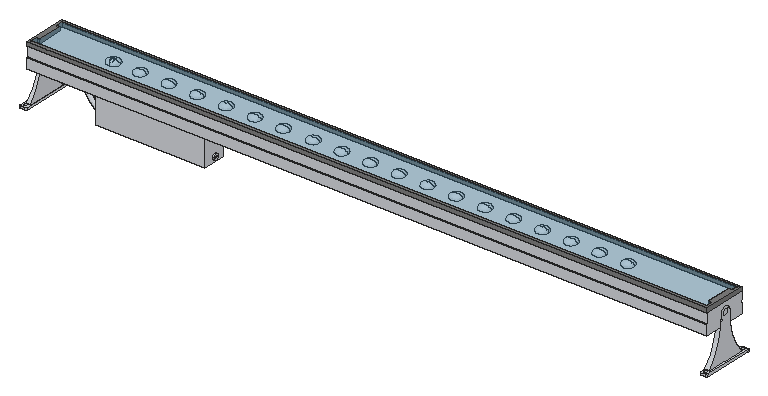
Revit family "WALL WASHER HIGH POWER LED RGB 100CM_LK2036RGB.30", category Luminarias, Revit 2019
Family settings
  Cota de conector redondo = Diámetro de uso
  Tipo de pieza = Normal
  Se basa en plano de trabajo = Sí
  Siempre vertical = No
  Corte con vacíos al cargar = No
  Origen de luz = Sí
  Compartido = No
  Punto de cálculo de habitación = No
Parameters (values of type "REFL_LK2036RGB.30")
  Ángulo de inclinación = 60.00°
  Zone [instance] = ""
  Watt per fixture = 67.2
  Wattage = 67.2 W
  built-in parameter 1150107 = 3000 (stored number, unit not read)
  built-in parameter 1150110 = 1 (stored number, unit not read)
  built-in parameter 1150109 = 1 (stored number, unit not read)
  built-in parameter 1150112 = 1 (stored number, unit not read)
  built-in parameter 1150113 = 1 (stored number, unit not read)
  built-in parameter 1114218 = 1 (stored number, unit not read)
  Keynote = ""
  built-in parameter 1150137 = (empty or 0)
  built-in parameter 1150132 = (empty or 0)
  Modelo = "LK2036RGB.30"
  Lámpara = "OSRAM"
  Longitud de línea de emisión = 400 mm
  built-in parameter 1150105 = 110.27 (stored number, unit not read)
  built-in parameter 1150102 = (empty or 0)
  built-in parameter 1150106 = 1.1027 (stored number, unit not read)
  Lumens = 1385.66 lm
  Color Filter = 16777215
  built-in parameter 1114217 = 1 (stored number, unit not read)
  built-in parameter 1150139 = (empty or 0)
  Fabricante = "BRILLANT"
  Default Elevation = 0 mm
  built-in parameter 1150104 = 1.9157 (stored number, unit not read)
  Descripción = "LUMINARIA TIPO REFLECTOR LINEAL, WALL WASHER , CUERPO DE ALUMINIO EXTRUIDO CON POLVO GRIS, VIDRIO TEMPLADO DE 3MM ADEMAS DEL SELLADO CON SILICON EN VIDRIO Y HOUSING, CUENTA CON 20 LED TIPO OSRAM CON UN CONSUMO TOTAL DE 67.2W, 1386 LUMENES, RGB, IP 66, IK 05, CABLE H05RN DE 0.5M, APERTURA DE 30 GRADOS, ALIMENTADA A 24V. REQUIERE ACCESORIOS."
  built-in parameter 1150115 = 1 (stored number, unit not read)
  built-in parameter 1150114 = 1 (stored number, unit not read)
  Comentarios de vataje = "24V"
  built-in parameter 1150138 = (empty or 0)
  built-in parameter 1150134 = (empty or 0)
  Circuit [instance] = ""
  Dimming Lamp Color Temperature Shift = 1
  Archivo de red fotométrica = "LK2036RGB.IES"
  built-in parameter 1150133 = 10 (stored number, unit not read)
Reference planes
  plane 1 "Centro (Frontal/Posterior)": y = 0
  plane 2: z = 0
  plane 3 "Centro (Izquierda/Derecha)": x = 0
  plane 4: x = -500
  plane 5: x = 500
  plane 6: z = 86
  plane 7: z = 3
  plane 8: x = 0
Forms (mm)
  Extrusion 1, solid
    sketch origin (0, 0, 0) x (1, 0, 0) y (0, 1, 0)
      loop
        arc (-495.182, -38.75) -> (-493.931, -38.232) -> (-493.412, -36.98) r 1.77
        line (-493.412, -36.98) -> (-493.412, 36.98)
        arc (-493.412, 36.98) -> (-493.931, 38.232) -> (-495.182, 38.75) r 1.77
        line (-495.182, 38.75) -> (-501.643, 38.75)
        arc (-501.643, 38.75) -> (-502.894, 38.232) -> (-503.412, 36.98) r 1.77
        line (-503.412, 36.98) -> (-503.412, -36.98)
        arc (-503.412, -36.98) -> (-502.894, -38.232) -> (-501.643, -38.75) r 1.77
        line (-501.643, -38.75) -> (-495.182, -38.75)
      loop
        circle (-498.412, -33.75) r 2.617
      loop
        circle (-498.412, 33.75) r 2.617
      loop
        line (495.182, -38.75) -> (501.643, -38.75)
        arc (501.643, -38.75) -> (502.894, -38.232) -> (503.412, -36.98) r 1.77
        line (503.412, -36.98) -> (503.412, 36.98)
        arc (503.412, 36.98) -> (502.894, 38.232) -> (501.643, 38.75) r 1.77
        line (501.643, 38.75) -> (495.182, 38.75)
        arc (495.182, 38.75) -> (493.931, 38.232) -> (493.412, 36.98) r 1.77
        line (493.412, 36.98) -> (493.412, -36.98)
        arc (493.412, -36.98) -> (493.931, -38.232) -> (495.182, -38.75) r 1.77
      loop
        circle (498.412, -33.75) r 2.617
      loop
        circle (498.412, 33.75) r 2.617
    from 0 to 3
  Extrusion 2, solid
    sketch origin (0, 0, 57.505) x (0, -1, 0) y (0, 0, -1)
      loop
        circle (0, -9.725) r 5
      loop
        arc (-7.232, -9.725) -> (0, -16.957) -> (7.232, -9.725) r 7.232
        arc (7.232, -9.725) -> (12.387, 24.386) -> (29.21, 54.505) r 96.512
        line (29.21, 54.505) -> (0.469, 54.505) -> (0.469, 19.505) -> (-0.469, 19.505) -> (-0.469, 54.505) -> (-29.21, 54.505)
        arc (-29.21, 54.505) -> (-12.387, 24.386) -> (-7.232, -9.725) r 96.512
    from 493.412 to 500
  Extrusion 3, solid, material "Cristal"
    sketch origin (0, 0, 0) x (1, 0, 0) y (0, 1, 0)
      loop
        line (-495, 28.5) -> (-495, 18.5) -> (-490, 18.5) -> (-490, -18.5) -> (-495, -18.5) -> (-495, -28.5) -> (495, -28.5) -> (495, -18.5) -> (490, -18.5) -> (490, 18.5) -> (495, 18.5) -> (495, 28.5) -> (-495, 28.5)
    from 86 to 85.337
  Revolve 4, solid
    sketch origin (0, 0, 1.84) x (1, 0, 0) y (0, 0, 1)
      loop
        line (105.714, 83.128) -> (105.714, 78.128) -> (114.371, 78.128)
        spline (114.371, 78.128) -> (114.297, 78.781) -> (114.076, 79.422) -> (113.712, 80.042) -> (113.211, 80.628) -> (112.582, 81.172) -> (111.835, 81.664) -> (110.984, 82.095) -> (110.043, 82.458) -> (109.027, 82.748) -> (107.955, 82.958) -> (106.844, 83.085) -> (105.714, 83.128)
      axis (105.714, 78.128) -> (105.714, 83.128)
    angle from 0 to 360
  Revolve 5, solid
    sketch origin (-42, 0, 1.84) x (1, 0, 0) y (0, 0, 1)
      loop
        line (105.714, 83.128) -> (105.714, 78.128) -> (114.371, 78.128)
        spline (114.371, 78.128) -> (114.297, 78.781) -> (114.076, 79.422) -> (113.712, 80.042) -> (113.211, 80.628) -> (112.582, 81.172) -> (111.835, 81.664) -> (110.984, 82.095) -> (110.043, 82.458) -> (109.027, 82.748) -> (107.955, 82.958) -> (106.844, 83.085) -> (105.714, 83.128)
      axis (105.714, 78.128) -> (105.714, 83.128)
    angle from 0 to 360
  Revolve 6, solid
    sketch origin (-84, 0, 1.84) x (1, 0, 0) y (0, 0, 1)
      loop
        line (105.714, 83.128) -> (105.714, 78.128) -> (114.371, 78.128)
        spline (114.371, 78.128) -> (114.297, 78.781) -> (114.076, 79.422) -> (113.712, 80.042) -> (113.211, 80.628) -> (112.582, 81.172) -> (111.835, 81.664) -> (110.984, 82.095) -> (110.043, 82.458) -> (109.027, 82.748) -> (107.955, 82.958) -> (106.844, 83.085) -> (105.714, 83.128)
      axis (105.714, 78.128) -> (105.714, 83.128)
    angle from 0 to 360
  Revolve 7, solid
    sketch origin (-126, 0, 1.84) x (1, 0, 0) y (0, 0, 1)
      loop
        line (105.714, 83.128) -> (105.714, 78.128) -> (114.371, 78.128)
        spline (114.371, 78.128) -> (114.297, 78.781) -> (114.076, 79.422) -> (113.712, 80.042) -> (113.211, 80.628) -> (112.582, 81.172) -> (111.835, 81.664) -> (110.984, 82.095) -> (110.043, 82.458) -> (109.027, 82.748) -> (107.955, 82.958) -> (106.844, 83.085) -> (105.714, 83.128)
      axis (105.714, 78.128) -> (105.714, 83.128)
    angle from 0 to 360
  Revolve 8, solid
    sketch origin (-168, 0, 1.84) x (1, 0, 0) y (0, 0, 1)
      loop
        line (105.714, 83.128) -> (105.714, 78.128) -> (114.371, 78.128)
        spline (114.371, 78.128) -> (114.297, 78.781) -> (114.076, 79.422) -> (113.712, 80.042) -> (113.211, 80.628) -> (112.582, 81.172) -> (111.835, 81.664) -> (110.984, 82.095) -> (110.043, 82.458) -> (109.027, 82.748) -> (107.955, 82.958) -> (106.844, 83.085) -> (105.714, 83.128)
      axis (105.714, 78.128) -> (105.714, 83.128)
    angle from 0 to 360
  Revolve 9, solid
    sketch origin (-210, 0, 1.84) x (1, 0, 0) y (0, 0, 1)
      loop
        line (105.714, 83.128) -> (105.714, 78.128) -> (114.371, 78.128)
        spline (114.371, 78.128) -> (114.297, 78.781) -> (114.076, 79.422) -> (113.712, 80.042) -> (113.211, 80.628) -> (112.582, 81.172) -> (111.835, 81.664) -> (110.984, 82.095) -> (110.043, 82.458) -> (109.027, 82.748) -> (107.955, 82.958) -> (106.844, 83.085) -> (105.714, 83.128)
      axis (105.714, 78.128) -> (105.714, 83.128)
    angle from 0 to 360
  Extrusion 10, solid
    sketch origin (-88.161, 0, 0) x (1, 0, 0) y (0, 1, 0)
      loop
        circle (-352, 0) r 7.477
    from 46.607 to 49.683
  Extrusion 11, solid
    sketch origin (-338.161, 0, 0) x (1, 0, 0) y (0, 1, 0)
      loop
        line (-102, 7.477) -> (-108.476, 3.739) -> (-108.476, -3.739) -> (-102, -7.477) -> (-95.524, -3.739) -> (-95.524, 3.739) -> (-102, 7.477)
    from 43.841 to 46.607
  Extrusion 12, solid
    sketch origin (0, 0, 0) x (1, 0, 0) y (0, 1, 0)
      loop
        line (-498.412, 32.016) -> (-498.412, -32.654) -> (498.545, -32.654) -> (498.545, 32.016) -> (-498.412, 32.016)
    from 49.683 to 79.969
  Revolve 13, solid
    sketch origin (-252, 0, 1.84) x (1, 0, 0) y (0, 0, 1)
      loop
        line (-144.286, 83.128) -> (-144.286, 78.128) -> (-135.629, 78.128)
        spline (-135.629, 78.128) -> (-135.703, 78.781) -> (-135.924, 79.422) -> (-136.288, 80.042) -> (-136.789, 80.628) -> (-137.418, 81.172) -> (-138.165, 81.664) -> (-139.016, 82.095) -> (-139.957, 82.458) -> (-140.973, 82.748) -> (-142.045, 82.958) -> (-143.156, 83.085) -> (-144.286, 83.128)
      axis (-144.286, 78.128) -> (-144.286, 83.128)
    angle from 0 to 360
  Extrusion 14, void
    sketch origin (0, 0, 0) x (0, 1, 0) y (0, 0, 1)
      loop
        line (-32.654, 79.969) -> (-32.654, 64.191) -> (-29.884, 64.191) -> (-29.884, 79.969) -> (-32.654, 79.969)
      loop
        line (32.654, 69.191) -> (29.884, 69.191) -> (29.884, 64.191) -> (32.654, 64.191) -> (32.654, 69.191)
    from -500 to 500
  Extrusion 15, solid
    sketch origin (0, 0, 57.505) x (0, -1, 0) y (0, 0, 1)
      loop
        circle (0, 9.725) r 5
      loop
        arc (-7.232, 9.725) -> (-12.387, -24.386) -> (-29.21, -54.505) r 96.512
        line (-29.21, -54.505) -> (-0.469, -54.505) -> (-0.469, -19.505) -> (0.469, -19.505) -> (0.469, -54.505) -> (29.21, -54.505)
        arc (29.21, -54.505) -> (12.387, -24.386) -> (7.232, 9.725) r 96.512
        arc (7.232, 9.725) -> (0, 16.957) -> (-7.232, 9.725) r 7.232
    from 495 to 500
  Extrusion 16, solid
    sketch origin (0, 0, 0) x (1, 0, 0) y (0, 1, 0)
      loop
        line (-409.783, 16) -> (-409.783, -16) -> (-249.976, -16) -> (-249.976, 16) -> (-409.783, 16)
    from 0 to 39.513
  Extrusion 17, void
    sketch origin (0, 0, 0) x (1, 0, 0) y (0, 1, 0)
      loop
        line (-409.783, 12.695) -> (-409.783, 11.445) -> (-361.686, 11.445) -> (-361.686, 12.695) -> (-409.783, 12.695)
      loop
        line (-409.783, 8.945) -> (-409.783, 7.695) -> (-361.686, 7.695) -> (-361.686, 8.945) -> (-409.783, 8.945)
      loop
        line (-409.783, 5.195) -> (-409.783, 3.945) -> (-361.686, 3.945) -> (-361.686, 5.195) -> (-409.783, 5.195)
      loop
        line (-409.783, -12.695) -> (-361.686, -12.695) -> (-361.686, -11.445) -> (-409.783, -11.445) -> (-409.783, -12.695)
      loop
        line (-409.783, -8.945) -> (-361.686, -8.945) -> (-361.686, -7.695) -> (-409.783, -7.695) -> (-409.783, -8.945)
      loop
        line (-409.783, -5.195) -> (-361.686, -5.195) -> (-361.686, -3.945) -> (-409.783, -3.945) -> (-409.783, -5.195)
      loop
        line (-249.976, 12.695) -> (-298.073, 12.695) -> (-298.073, 11.445) -> (-249.976, 11.445) -> (-249.976, 12.695)
      loop
        line (-249.976, 8.945) -> (-298.073, 8.945) -> (-298.073, 7.695) -> (-249.976, 7.695) -> (-249.976, 8.945)
      loop
        line (-249.976, 5.195) -> (-298.073, 5.195) -> (-298.073, 3.945) -> (-249.976, 3.945) -> (-249.976, 5.195)
      loop
        line (-249.976, -12.695) -> (-249.976, -11.445) -> (-298.073, -11.445) -> (-298.073, -12.695) -> (-249.976, -12.695)
      loop
        line (-249.976, -8.945) -> (-249.976, -7.695) -> (-298.073, -7.695) -> (-298.073, -8.945) -> (-249.976, -8.945)
      loop
        line (-249.976, -5.195) -> (-249.976, -3.945) -> (-298.073, -3.945) -> (-298.073, -5.195) -> (-249.976, -5.195)
    from 37.886 to 39.513
  Extrusion 18, solid
    sketch origin (0, 0, 0) x (0, 1, 0) y (0, 0, 1)
      loop
        circle (0, 8.771) r 3.442
      loop
        line (2.746, 10.356) -> (0, 11.942) -> (-2.746, 10.356) -> (-2.746, 7.185) -> (0, 5.6) -> (2.746, 7.185) -> (2.746, 10.356)
    from -413.671 to -409.783
  Extrusion 19, solid
    sketch origin (-374.541, 0, 0) x (0, 1, 0) y (0, 0, -1)
      loop
        circle (0, -8.771) r 3.442
      loop
        line (2.746, -10.356) -> (2.746, -7.185) -> (0, -5.6) -> (-2.746, -7.185) -> (-2.746, -10.356) -> (0, -11.942) -> (2.746, -10.356)
    from -128.252 to -124.565
  Sweep 20, solid
    path origin (15.428, 0, 13.216) x (1, 0, 0) y (0, 0, 1)
      loop
        arc (-438.601, 37.696) -> (-433.417, 21.627) -> (-420.773, 10.436) r 31.987
    profile origin (-417.989, 0, 34.843) x (0.836903, 0, 0.547351) y (0, -1, 0)
      loop
        circle (-16.782, 0) r 3.712
  Extrusion 21, solid, material "Aluminio"
    sketch origin (0, 0, 0) x (1, 0, 0) y (0, 1, 0)
      loop
        line (-498.412, 32.016) -> (-498.412, -32.654) -> (498.545, -32.654) -> (498.545, 32.016) -> (-498.412, 32.016)
      loop
        line (-495, 28.5) -> (-495, 18.5) -> (-490, 18.5) -> (-490, -18.5) -> (-495, -18.5) -> (-495, -28.5) -> (495, -28.5) -> (495, -18.5) -> (490, -18.5) -> (490, 18.5) -> (495, 18.5) -> (495, 28.5) -> (-495, 28.5)
    from 79.969 to 86
  Revolve 22, solid
    sketch origin (84, 0, 1.84) x (1, 0, 0) y (0, 0, 1)
      loop
        line (105.714, 83.128) -> (105.714, 78.128) -> (114.371, 78.128)
        spline (114.371, 78.128) -> (114.297, 78.781) -> (114.076, 79.422) -> (113.712, 80.042) -> (113.211, 80.628) -> (112.582, 81.172) -> (111.835, 81.664) -> (110.984, 82.095) -> (110.043, 82.458) -> (109.027, 82.748) -> (107.955, 82.958) -> (106.844, 83.085) -> (105.714, 83.128)
      axis (105.714, 78.128) -> (105.714, 83.128)
    angle from 0 to 360
  Revolve 23, solid
    sketch origin (42, 0, 1.84) x (1, 0, 0) y (0, 0, 1)
      loop
        line (105.714, 83.128) -> (105.714, 78.128) -> (114.371, 78.128)
        spline (114.371, 78.128) -> (114.297, 78.781) -> (114.076, 79.422) -> (113.712, 80.042) -> (113.211, 80.628) -> (112.582, 81.172) -> (111.835, 81.664) -> (110.984, 82.095) -> (110.043, 82.458) -> (109.027, 82.748) -> (107.955, 82.958) -> (106.844, 83.085) -> (105.714, 83.128)
      axis (105.714, 78.128) -> (105.714, 83.128)
    angle from 0 to 360
  Revolve 24, solid
    sketch origin (168, 0, 1.84) x (1, 0, 0) y (0, 0, 1)
      loop
        line (105.714, 83.128) -> (105.714, 78.128) -> (114.371, 78.128)
        spline (114.371, 78.128) -> (114.297, 78.781) -> (114.076, 79.422) -> (113.712, 80.042) -> (113.211, 80.628) -> (112.582, 81.172) -> (111.835, 81.664) -> (110.984, 82.095) -> (110.043, 82.458) -> (109.027, 82.748) -> (107.955, 82.958) -> (106.844, 83.085) -> (105.714, 83.128)
      axis (105.714, 78.128) -> (105.714, 83.128)
    angle from 0 to 360
  Revolve 25, solid
    sketch origin (126, 0, 1.84) x (1, 0, 0) y (0, 0, 1)
      loop
        line (105.714, 83.128) -> (105.714, 78.128) -> (114.371, 78.128)
        spline (114.371, 78.128) -> (114.297, 78.781) -> (114.076, 79.422) -> (113.712, 80.042) -> (113.211, 80.628) -> (112.582, 81.172) -> (111.835, 81.664) -> (110.984, 82.095) -> (110.043, 82.458) -> (109.027, 82.748) -> (107.955, 82.958) -> (106.844, 83.085) -> (105.714, 83.128)
      axis (105.714, 78.128) -> (105.714, 83.128)
    angle from 0 to 360
  Revolve 26, solid
    sketch origin (252, 0, 1.84) x (1, 0, 0) y (0, 0, 1)
      loop
        line (105.714, 83.128) -> (105.714, 78.128) -> (114.371, 78.128)
        spline (114.371, 78.128) -> (114.297, 78.781) -> (114.076, 79.422) -> (113.712, 80.042) -> (113.211, 80.628) -> (112.582, 81.172) -> (111.835, 81.664) -> (110.984, 82.095) -> (110.043, 82.458) -> (109.027, 82.748) -> (107.955, 82.958) -> (106.844, 83.085) -> (105.714, 83.128)
      axis (105.714, 78.128) -> (105.714, 83.128)
    angle from 0 to 360
  Revolve 27, solid
    sketch origin (210, 0, 1.84) x (1, 0, 0) y (0, 0, 1)
      loop
        line (105.714, 83.128) -> (105.714, 78.128) -> (114.371, 78.128)
        spline (114.371, 78.128) -> (114.297, 78.781) -> (114.076, 79.422) -> (113.712, 80.042) -> (113.211, 80.628) -> (112.582, 81.172) -> (111.835, 81.664) -> (110.984, 82.095) -> (110.043, 82.458) -> (109.027, 82.748) -> (107.955, 82.958) -> (106.844, 83.085) -> (105.714, 83.128)
      axis (105.714, 78.128) -> (105.714, 83.128)
    angle from 0 to 360
  Revolve 28, solid
    sketch origin (-42, 0, 1.84) x (-1, 0, 0) y (0, 0, 1)
      loop
        line (355.714, 83.128) -> (355.714, 78.128) -> (364.371, 78.128)
        spline (364.371, 78.128) -> (364.297, 78.781) -> (364.076, 79.422) -> (363.712, 80.042) -> (363.211, 80.628) -> (362.582, 81.172) -> (361.835, 81.664) -> (360.984, 82.095) -> (360.043, 82.458) -> (359.027, 82.748) -> (357.955, 82.958) -> (356.844, 83.085) -> (355.714, 83.128)
      axis (355.714, 78.128) -> (355.714, 83.128)
    angle from 0 to 360
  Revolve 29, solid
    sketch origin (-84, 0, 1.84) x (-1, 0, 0) y (0, 0, 1)
      loop
        line (105.714, 83.128) -> (105.714, 78.128) -> (114.371, 78.128)
        spline (114.371, 78.128) -> (114.297, 78.781) -> (114.076, 79.422) -> (113.712, 80.042) -> (113.211, 80.628) -> (112.582, 81.172) -> (111.835, 81.664) -> (110.984, 82.095) -> (110.043, 82.458) -> (109.027, 82.748) -> (107.955, 82.958) -> (106.844, 83.085) -> (105.714, 83.128)
      axis (105.714, 78.128) -> (105.714, 83.128)
    angle from 0 to 360
  Revolve 30, solid
    sketch origin (-42, 0, 1.84) x (-1, 0, 0) y (0, 0, 1)
      loop
        line (105.714, 83.128) -> (105.714, 78.128) -> (114.371, 78.128)
        spline (114.371, 78.128) -> (114.297, 78.781) -> (114.076, 79.422) -> (113.712, 80.042) -> (113.211, 80.628) -> (112.582, 81.172) -> (111.835, 81.664) -> (110.984, 82.095) -> (110.043, 82.458) -> (109.027, 82.748) -> (107.955, 82.958) -> (106.844, 83.085) -> (105.714, 83.128)
      axis (105.714, 78.128) -> (105.714, 83.128)
    angle from 0 to 360
  Revolve 31, solid
    sketch origin (-168, 0, 1.84) x (-1, 0, 0) y (0, 0, 1)
      loop
        line (105.714, 83.128) -> (105.714, 78.128) -> (114.371, 78.128)
        spline (114.371, 78.128) -> (114.297, 78.781) -> (114.076, 79.422) -> (113.712, 80.042) -> (113.211, 80.628) -> (112.582, 81.172) -> (111.835, 81.664) -> (110.984, 82.095) -> (110.043, 82.458) -> (109.027, 82.748) -> (107.955, 82.958) -> (106.844, 83.085) -> (105.714, 83.128)
      axis (105.714, 78.128) -> (105.714, 83.128)
    angle from 0 to 360
  Revolve 32, solid
    sketch origin (-126, 0, 1.84) x (-1, 0, 0) y (0, 0, 1)
      loop
        line (105.714, 83.128) -> (105.714, 78.128) -> (114.371, 78.128)
        spline (114.371, 78.128) -> (114.297, 78.781) -> (114.076, 79.422) -> (113.712, 80.042) -> (113.211, 80.628) -> (112.582, 81.172) -> (111.835, 81.664) -> (110.984, 82.095) -> (110.043, 82.458) -> (109.027, 82.748) -> (107.955, 82.958) -> (106.844, 83.085) -> (105.714, 83.128)
      axis (105.714, 78.128) -> (105.714, 83.128)
    angle from 0 to 360
  Revolve 33, solid
    sketch origin (-252, 0, 1.84) x (-1, 0, 0) y (0, 0, 1)
      loop
        line (105.714, 83.128) -> (105.714, 78.128) -> (114.371, 78.128)
        spline (114.371, 78.128) -> (114.297, 78.781) -> (114.076, 79.422) -> (113.712, 80.042) -> (113.211, 80.628) -> (112.582, 81.172) -> (111.835, 81.664) -> (110.984, 82.095) -> (110.043, 82.458) -> (109.027, 82.748) -> (107.955, 82.958) -> (106.844, 83.085) -> (105.714, 83.128)
      axis (105.714, 78.128) -> (105.714, 83.128)
    angle from 0 to 360
  Revolve 34, solid
    sketch origin (-210, 0, 1.84) x (-1, 0, 0) y (0, 0, 1)
      loop
        line (105.714, 83.128) -> (105.714, 78.128) -> (114.371, 78.128)
        spline (114.371, 78.128) -> (114.297, 78.781) -> (114.076, 79.422) -> (113.712, 80.042) -> (113.211, 80.628) -> (112.582, 81.172) -> (111.835, 81.664) -> (110.984, 82.095) -> (110.043, 82.458) -> (109.027, 82.748) -> (107.955, 82.958) -> (106.844, 83.085) -> (105.714, 83.128)
      axis (105.714, 78.128) -> (105.714, 83.128)
    angle from 0 to 360
Cuts and joins
  Extrusion 14 cuts Extrusion 12
  Extrusion 17 cuts Extrusion 16
Dimensions and locks
  equal spacing: plane 4, plane 3 "Centro (Izquierda/Derecha)", plane 5
  plane 4 to plane 5 = 1000 mm
  plane 4 to plane 3 "Centro (Izquierda/Derecha)" = 500 mm
  plane 6 to plane 2 = 86 mm
  plane 6 to level = 86 mm
  plane 7 to level = 3 mm
  locked: Extrusion 18 to Extrusion 18 at 3.888
  cut or joined group of Extrusion 16, Extrusion 17 to cut or joined group of Extrusion 16, Extrusion 17 = 159.807 mm
  cut or joined group of Extrusion 16, Extrusion 17 to cut or joined group of Extrusion 16, Extrusion 17 = 39.513 mm
  Extrusion 3 to level = 85.337 mm
  aligned and locked: level to plane 2
  aligned and locked: plane 7 to Extrusion 1
  aligned and locked: Extrusion 14 to plane 4
  aligned and locked: plane 5 to Extrusion 14
  aligned and locked: plane 5 to Extrusion 2
  aligned and locked: Extrusion 18 to cut or joined group of Extrusion 16, Extrusion 17
  aligned and locked: Extrusion 17 to Extrusion 16
  aligned and locked: Extrusion 21 sketch curve to cut or joined group of Extrusion 12, Extrusion 14  (x4)
  aligned and locked: Extrusion 21 sketch curve to Extrusion 3  (x3)
  aligned and locked: Extrusion 15 to Extrusion 21 sketch curve
  aligned and locked: Extrusion 21 to plane 6
  aligned and locked: Extrusion 21 to cut or joined group of Extrusion 12, Extrusion 14
  aligned and locked: Extrusion 21 to Revolve 4
Automatic sketch dimensions
  Extrusion 1 sketch curve to plane 4 = 3.412 mm
  Extrusion 1 sketch curve to plane 4 = 1.643 mm  (x2)
  plane 4 to Extrusion 1 sketch curve = 1.588 mm  (x2)
  plane 4 to Extrusion 1 sketch curve = 4.818 mm
  Extrusion 1 sketch curve to Extrusion 1 sketch curve = 3.23 mm  (x5)
  Extrusion 1 sketch curve to Extrusion 1 sketch curve = 1.77 mm  (x4)
  Extrusion 1 sketch curve to plane 5 = 6.588 mm
  Extrusion 1 sketch curve to plane 5 = 1.588 mm  (x2)
  plane 5 to Extrusion 1 sketch curve = 1.643 mm  (x2)
  plane 1 "Centro (Frontal/Posterior)" to Extrusion 1 sketch curve = 38.75 mm  (x2)
  Extrusion 1 sketch curve to plane 1 "Centro (Frontal/Posterior)" = 33.75 mm  (x2)
  Extrusion 2 sketch curve to Extrusion 2 sketch curve = 0 mm  (x2)
  Extrusion 2 sketch curve to plane 7 = 0 mm  (x2)
  Extrusion 2 sketch curve to plane 1 "Centro (Frontal/Posterior)" = 0 mm
  Extrusion 2 sketch curve to plane 1 "Centro (Frontal/Posterior)" = 0.469 mm
  Extrusion 2 sketch curve to Extrusion 2 sketch curve = 28.741 mm  (x2)
  Extrusion 2 sketch curve to plane 6 = 21.636 mm  (x2)
  Extrusion 2 sketch curve to Extrusion 2 sketch curve = 74.492 mm
  plane 1 "Centro (Frontal/Posterior)" to Extrusion 2 sketch curve = 0.469 mm
  Extrusion 2 sketch curve to plane 6 = 18.77 mm
  Extrusion 2 sketch curve to Extrusion 2 sketch curve = 29.23 mm
  plane 4 to Extrusion 3 sketch curve = 5 mm  (x2)
  Extrusion 3 sketch curve to Extrusion 3 sketch curve = 5 mm
  Extrusion 3 sketch curve to plane 5 = 10 mm
  Extrusion 3 sketch curve to plane 5 = 5 mm  (x2)
  plane 1 "Centro (Frontal/Posterior)" to Extrusion 3 sketch curve = 28.5 mm
  Extrusion 3 sketch curve to Extrusion 3 sketch curve = 10 mm  (x3)
  Extrusion 3 sketch curve to plane 1 "Centro (Frontal/Posterior)" = 18.5 mm  (x2)
  Revolve 4 sketch curve to plane 6 = 1.031 mm
  plane 3 "Centro (Izquierda/Derecha)" to Revolve 4 sketch curve = 105.714 mm
  Revolve 4 sketch curve to Revolve 4 sketch curve = 0 mm  (x3)
  Revolve 4 sketch curve to Revolve 4 sketch curve = 8.657 mm
  Revolve 4 sketch curve to Revolve 4 sketch curve = 5 mm
  plane 6 to Revolve 4 sketch curve = 15.857 mm
  Revolve 5 sketch curve to plane 6 = 1.031 mm
  plane 3 "Centro (Izquierda/Derecha)" to Revolve 5 sketch curve = 63.714 mm
  Revolve 5 sketch curve to Revolve 5 sketch curve = 0 mm  (x3)
  Revolve 5 sketch curve to Revolve 5 sketch curve = 8.657 mm
  Revolve 5 sketch curve to Revolve 5 sketch curve = 5 mm
  plane 6 to Revolve 5 sketch curve = 15.857 mm
  Revolve 6 sketch curve to plane 6 = 1.031 mm
  plane 3 "Centro (Izquierda/Derecha)" to Revolve 6 sketch curve = 21.714 mm
  Revolve 6 sketch curve to Revolve 6 sketch curve = 0 mm  (x3)
  Revolve 6 sketch curve to Revolve 6 sketch curve = 8.657 mm
  Revolve 6 sketch curve to Revolve 6 sketch curve = 5 mm
  plane 6 to Revolve 6 sketch curve = 15.857 mm
  Revolve 7 sketch curve to plane 6 = 1.031 mm
  Revolve 7 sketch curve to plane 3 "Centro (Izquierda/Derecha)" = 20.286 mm
  Revolve 7 sketch curve to Revolve 7 sketch curve = 0 mm  (x3)
  Revolve 7 sketch curve to Revolve 7 sketch curve = 8.657 mm
  Revolve 7 sketch curve to Revolve 7 sketch curve = 5 mm
  plane 6 to Revolve 7 sketch curve = 15.857 mm
  Revolve 8 sketch curve to plane 6 = 1.031 mm
  Revolve 8 sketch curve to plane 3 "Centro (Izquierda/Derecha)" = 62.286 mm
  Revolve 8 sketch curve to Revolve 8 sketch curve = 0 mm  (x3)
  Revolve 8 sketch curve to Revolve 8 sketch curve = 8.657 mm
  Revolve 8 sketch curve to Revolve 8 sketch curve = 5 mm
  plane 6 to Revolve 8 sketch curve = 15.857 mm
  Revolve 9 sketch curve to plane 6 = 1.031 mm
  Revolve 9 sketch curve to plane 3 "Centro (Izquierda/Derecha)" = 104.286 mm
  Revolve 9 sketch curve to Revolve 9 sketch curve = 0 mm  (x3)
  Revolve 9 sketch curve to Revolve 9 sketch curve = 8.657 mm
  Revolve 9 sketch curve to Revolve 9 sketch curve = 5 mm
  plane 6 to Revolve 9 sketch curve = 15.857 mm
  plane 1 "Centro (Frontal/Posterior)" to Extrusion 10 sketch curve = 0 mm
  plane 4 to Extrusion 10 sketch curve = 59.839 mm
  plane 4 to Extrusion 12 sketch curve = 1.588 mm
  Extrusion 12 sketch curve to plane 5 = 1.455 mm
  plane 1 "Centro (Frontal/Posterior)" to Extrusion 12 sketch curve = 32.654 mm
  Extrusion 12 sketch curve to plane 1 "Centro (Frontal/Posterior)" = 32.016 mm
  Revolve 13 sketch curve to plane 6 = 1.031 mm
  plane 4 to Revolve 13 sketch curve = 103.714 mm
  Revolve 13 sketch curve to Revolve 13 sketch curve = 0 mm  (x3)
  Revolve 13 sketch curve to Revolve 13 sketch curve = 8.657 mm
  Revolve 13 sketch curve to Revolve 13 sketch curve = 5 mm
  plane 6 to Revolve 13 sketch curve = 15.857 mm
  plane 1 "Centro (Frontal/Posterior)" to Extrusion 14 sketch curve = 32.654 mm
  Extrusion 14 sketch curve to Extrusion 14 sketch curve = 2.77 mm  (x2)
  Extrusion 14 sketch curve to plane 1 "Centro (Frontal/Posterior)" = 29.884 mm
  Extrusion 14 sketch curve to plane 6 = 21.809 mm  (x2)
  Extrusion 14 sketch curve to Extrusion 14 sketch curve = 5 mm
  Extrusion 14 sketch curve to plane 6 = 6.031 mm
  Extrusion 15 sketch curve to Extrusion 15 sketch curve = 0 mm  (x2)
  Extrusion 15 sketch curve to plane 7 = 0 mm  (x2)
  Extrusion 15 sketch curve to plane 1 "Centro (Frontal/Posterior)" = 0 mm
  Extrusion 15 sketch curve to plane 1 "Centro (Frontal/Posterior)" = 0.469 mm
  Extrusion 15 sketch curve to Extrusion 15 sketch curve = 28.741 mm  (x2)
  Extrusion 15 sketch curve to plane 6 = 21.636 mm  (x2)
  Extrusion 15 sketch curve to Extrusion 15 sketch curve = 74.492 mm
  plane 1 "Centro (Frontal/Posterior)" to Extrusion 15 sketch curve = 0.469 mm
  Extrusion 15 sketch curve to Extrusion 15 sketch curve = 35 mm
  Extrusion 15 sketch curve to plane 6 = 18.77 mm
  plane 1 "Centro (Frontal/Posterior)" to Extrusion 16 sketch curve = 16 mm
  plane 4 to Extrusion 16 sketch curve = 90.217 mm
  Extrusion 16 sketch curve to Extrusion 16 sketch curve = 159.807 mm
  Extrusion 16 sketch curve to plane 1 "Centro (Frontal/Posterior)" = 16 mm
  Extrusion 17 sketch curve to plane 1 "Centro (Frontal/Posterior)" = 12.695 mm
  plane 4 to Extrusion 17 sketch curve = 90.217 mm
  plane 1 "Centro (Frontal/Posterior)" to Extrusion 17 sketch curve = 3.945 mm  (x2)
  Extrusion 17 sketch curve to Extrusion 17 sketch curve = 0 mm  (x20)
  Extrusion 17 sketch curve to plane 1 "Centro (Frontal/Posterior)" = 3.945 mm  (x2)
  Extrusion 17 sketch curve to Extrusion 17 sketch curve = 48.097 mm  (x2)
  Extrusion 17 sketch curve to Extrusion 17 sketch curve = 63.613 mm
  plane 1 "Centro (Frontal/Posterior)" to Extrusion 17 sketch curve = 12.695 mm
  Extrusion 17 sketch curve to Extrusion 17 sketch curve = 8.75 mm
  Extrusion 17 sketch curve to Extrusion 17 sketch curve = 1.25 mm  (x12)
  Extrusion 17 sketch curve to Extrusion 17 sketch curve = 2.5 mm  (x5)
  Extrusion 18 sketch curve to plane 1 "Centro (Frontal/Posterior)" = 0 mm  (x3)
  plane 1 "Centro (Frontal/Posterior)" to Extrusion 18 sketch curve = 2.746 mm
  Extrusion 18 sketch curve to plane 1 "Centro (Frontal/Posterior)" = 2.746 mm
  plane 7 to Extrusion 18 sketch curve = 2.6 mm
  Extrusion 18 sketch curve to Extrusion 18 sketch curve = 1.585 mm  (x6)
  Extrusion 19 sketch curve to plane 1 "Centro (Frontal/Posterior)" = 0 mm  (x3)
  plane 1 "Centro (Frontal/Posterior)" to Extrusion 19 sketch curve = 2.746 mm
  Extrusion 19 sketch curve to plane 1 "Centro (Frontal/Posterior)" = 2.746 mm
  plane 7 to Extrusion 19 sketch curve = 8.942 mm
  Extrusion 19 sketch curve to Extrusion 19 sketch curve = 1.585 mm  (x4)
  Extrusion 19 sketch curve to Extrusion 19 sketch curve = 3.171 mm
  plane 7 to Extrusion 19 sketch curve = 2.6 mm
  Sweep 20 sketch curve to plane 6 = 33.649 mm
  plane 4 to Sweep 20 sketch curve = 108.781 mm
  Sweep 20 sketch curve to Sweep 20 sketch curve = 14.126 mm
  Sweep 20 sketch curve to Sweep 20 sketch curve = 31.954 mm
  Sweep 20 sketch curve to Sweep 20 sketch curve = 1.438 mm
  Sweep 20 sketch curve to profile plane = 0 mm
  profile plane to Sweep 20 sketch curve = 16.782 mm
  plane 4 to Extrusion 21 sketch curve = 5 mm
  Extrusion 21 sketch curve to Extrusion 21 sketch curve = 5 mm
  Extrusion 21 sketch curve to plane 5 = 10 mm
  Extrusion 21 sketch curve to Extrusion 21 sketch curve = 3.545 mm
  Extrusion 21 sketch curve to plane 5 = 5 mm
  Extrusion 21 sketch curve to Extrusion 21 sketch curve = 10 mm  (x3)
  Revolve 22 sketch curve to plane 6 = 1.031 mm
  plane 3 "Centro (Izquierda/Derecha)" to Revolve 22 sketch curve = 189.714 mm
  Revolve 22 sketch curve to Revolve 22 sketch curve = 0 mm  (x3)
  Revolve 22 sketch curve to Revolve 22 sketch curve = 8.657 mm
  Revolve 22 sketch curve to Revolve 22 sketch curve = 5 mm
  plane 6 to Revolve 22 sketch curve = 15.857 mm
  Revolve 23 sketch curve to plane 6 = 1.031 mm
  plane 3 "Centro (Izquierda/Derecha)" to Revolve 23 sketch curve = 147.714 mm
  Revolve 23 sketch curve to Revolve 23 sketch curve = 0 mm  (x3)
  Revolve 23 sketch curve to Revolve 23 sketch curve = 8.657 mm
  Revolve 23 sketch curve to Revolve 23 sketch curve = 5 mm
  plane 6 to Revolve 23 sketch curve = 15.857 mm
  Revolve 24 sketch curve to plane 6 = 1.031 mm
  Revolve 24 sketch curve to plane 5 = 226.286 mm
  Revolve 24 sketch curve to Revolve 24 sketch curve = 0 mm  (x3)
  Revolve 24 sketch curve to Revolve 24 sketch curve = 8.657 mm
  Revolve 24 sketch curve to Revolve 24 sketch curve = 5 mm
  plane 6 to Revolve 24 sketch curve = 15.857 mm
  Revolve 25 sketch curve to plane 6 = 1.031 mm
  plane 3 "Centro (Izquierda/Derecha)" to Revolve 25 sketch curve = 231.714 mm
  Revolve 25 sketch curve to Revolve 25 sketch curve = 0 mm  (x3)
  Revolve 25 sketch curve to Revolve 25 sketch curve = 8.657 mm
  Revolve 25 sketch curve to Revolve 25 sketch curve = 5 mm
  plane 6 to Revolve 25 sketch curve = 15.857 mm
  Revolve 26 sketch curve to plane 6 = 1.031 mm
  Revolve 26 sketch curve to plane 5 = 142.286 mm
  Revolve 26 sketch curve to Revolve 26 sketch curve = 0 mm  (x3)
  Revolve 26 sketch curve to Revolve 26 sketch curve = 8.657 mm
  Revolve 26 sketch curve to Revolve 26 sketch curve = 5 mm
  plane 6 to Revolve 26 sketch curve = 15.857 mm
  Revolve 27 sketch curve to plane 6 = 1.031 mm
  Revolve 27 sketch curve to plane 5 = 184.286 mm
  Revolve 27 sketch curve to Revolve 27 sketch curve = 0 mm  (x3)
  Revolve 27 sketch curve to Revolve 27 sketch curve = 8.657 mm
  Revolve 27 sketch curve to Revolve 27 sketch curve = 5 mm
  plane 6 to Revolve 27 sketch curve = 15.857 mm
  plane 6 to Revolve 28 sketch curve = 1.031 mm
  Revolve 28 sketch curve to plane 4 = 102.286 mm
  Revolve 28 sketch curve to Revolve 28 sketch curve = 0 mm  (x3)
  Revolve 28 sketch curve to Revolve 28 sketch curve = 8.657 mm
  Revolve 28 sketch curve to Revolve 28 sketch curve = 5 mm
  Revolve 28 sketch curve to plane 6 = 15.857 mm
  plane 6 to Revolve 29 sketch curve = 1.031 mm
  plane 3 "Centro (Izquierda/Derecha)" to Revolve 29 sketch curve = 189.714 mm
  Revolve 29 sketch curve to Revolve 29 sketch curve = 0 mm  (x3)
  Revolve 29 sketch curve to Revolve 29 sketch curve = 8.657 mm
  Revolve 29 sketch curve to Revolve 29 sketch curve = 5 mm
  Revolve 29 sketch curve to plane 6 = 15.857 mm
  plane 6 to Revolve 30 sketch curve = 1.031 mm
  plane 3 "Centro (Izquierda/Derecha)" to Revolve 30 sketch curve = 147.714 mm
  Revolve 30 sketch curve to Revolve 30 sketch curve = 0 mm  (x3)
  Revolve 30 sketch curve to Revolve 30 sketch curve = 8.657 mm
  Revolve 30 sketch curve to Revolve 30 sketch curve = 5 mm
  Revolve 30 sketch curve to plane 6 = 15.857 mm
  plane 6 to Revolve 31 sketch curve = 1.031 mm
  Revolve 31 sketch curve to plane 4 = 226.286 mm
  Revolve 31 sketch curve to Revolve 31 sketch curve = 0 mm  (x3)
  Revolve 31 sketch curve to Revolve 31 sketch curve = 8.657 mm
  Revolve 31 sketch curve to Revolve 31 sketch curve = 5 mm
  Revolve 31 sketch curve to plane 6 = 15.857 mm
  plane 6 to Revolve 32 sketch curve = 1.031 mm
  plane 3 "Centro (Izquierda/Derecha)" to Revolve 32 sketch curve = 231.714 mm
  Revolve 32 sketch curve to Revolve 32 sketch curve = 0 mm  (x3)
  Revolve 32 sketch curve to Revolve 32 sketch curve = 8.657 mm
  Revolve 32 sketch curve to Revolve 32 sketch curve = 5 mm
  Revolve 32 sketch curve to plane 6 = 15.857 mm
  plane 6 to Revolve 33 sketch curve = 1.031 mm
  Revolve 33 sketch curve to plane 4 = 142.286 mm
  Revolve 33 sketch curve to Revolve 33 sketch curve = 0 mm  (x3)
  Revolve 33 sketch curve to Revolve 33 sketch curve = 8.657 mm
  Revolve 33 sketch curve to Revolve 33 sketch curve = 5 mm
  Revolve 33 sketch curve to plane 6 = 15.857 mm
  plane 6 to Revolve 34 sketch curve = 1.031 mm
  Revolve 34 sketch curve to plane 4 = 184.286 mm
  Revolve 34 sketch curve to Revolve 34 sketch curve = 0 mm  (x3)
  Revolve 34 sketch curve to Revolve 34 sketch curve = 8.657 mm
  Revolve 34 sketch curve to Revolve 34 sketch curve = 5 mm
  Revolve 34 sketch curve to plane 6 = 15.857 mm
  radius of Extrusion 1 sketch curve = 2.617 mm  (x4)
  radius of Extrusion 2 sketch curve = 5 mm
  radius of Extrusion 10 sketch curve = 7.477 mm
  radius of Extrusion 15 sketch curve = 5 mm
  radius of Extrusion 18 sketch curve = 3.442 mm
  radius of Extrusion 19 sketch curve = 3.442 mm
  radius of Sweep 20 sketch curve = 3.712 mm
Connectors
  electrical at (-246.289, 0, 8.771)
    settings: on Extrusion 19, index 1, voltage 24 V, apparent load 0 VA, apparent load phase1 0 VA, apparent load phase2 0 VA, apparent load phase3 0 VA, power factor 1, load classification "Otro", number of poles 1, system type 31, power factor state 1, is connector primary yes, connector utility no, sub classification motor no, connector description ""
